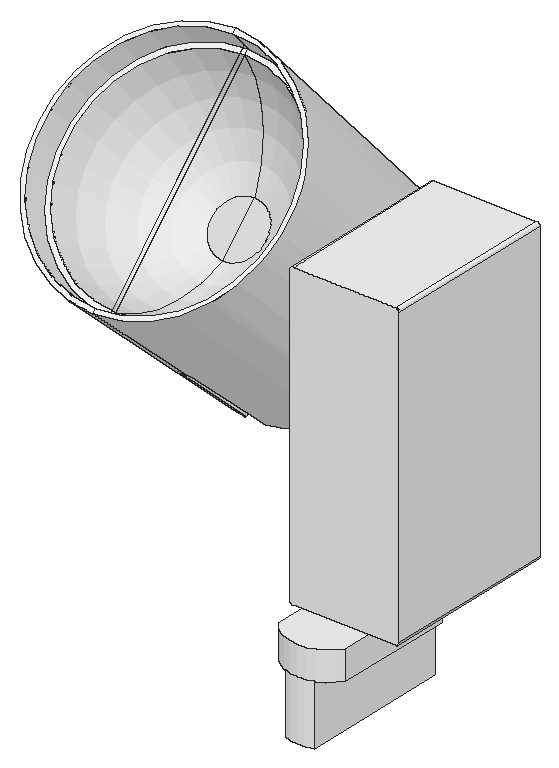
Revit family "0004867 Feilo Sylvania Lighting Fixture START TRACK SPOT L 35W 3K RA90 WB WHITE", category Lighting Fixtures, host Face, Revit 2017 (continued)
Definition of nested family "Start Track Spot Head"
  Types (96, lengths in mm): name | Wattage | built-in parameter 1150134 | Photometric Web File | Model | built-in parameter 1150105 | Lumens | built-in parameter 1150107 | built-in parameter 1150106 | HeadThickness_FEILO | HeadRibOffset_FEILO | HeadRibDepth_FEILO | HeadRibCutWidth_FEILO | HeadRibCutOffset_FEILO | HeadReflectorRadius_FEILO | HeadReflectorOffset_FEILO | HeadLEDRadius_FEILO | HeadHeight_FEILO | HeadDiffusorOffset_FEILO | HeadDiaOut_FEILO | HeadDiaIn_FEILO | HeadAxisFromTop_FEILO | Emit from Circle Diameter | built-in parameter 1150104 | Description | Apparent Load
    0004864 START TRACK SPOT S 24W 3K RA90 WB WHITE | 24 W | (empty or 0) | "0004864.ies" | "START TRACK SPOT S 24W 3K RA90 WB WHITE" | 152.79 (stored number, unit not read) | 1920 lm | 3000 (stored number, unit not read) | 1.5279 (stored number, unit not read) | 1.5 | 4.179 | 55.714 | 7.167 | 50.87 | 50.588 | 55.714 | 9.556 | 117 | 9.435 | 86 | 77.477 | 69.354 | 77.477 | 7.4322 (stored number, unit not read) | "Integrated LED spotlight, Textured White - RAL9016, compact and minimalist design, ideal for retail applications, die-cast aluminium body, passive cooling heatsink. Beam angle: 64°, color temperature: 3000K , total system power: 24W, total fixture output: 1928 lm, LOR: 100%, colour rendering: Ra: 90 typical, LED Chromaticity: 3 step MacAdam ellipse, lifetime: >50000 hours at L70B50, energy class: A++, A+, A, IR/UV free light source without heat radiation, operating voltage: 220-240V / 50-60Hz, drive current: 600mA, electronic driver, non-dimmable, power factor: 0.95, electrical protection: Class II, Global Track 3 Phase adapter suitable for Global trac 3-circuit tracks, ingress protection rating: IP20, suitable for internal environment only, horizontal rotation: 355°, vertical tilt: 90°, dimensions: Ø86x140x200, weight: 0.966kg." | 24 VA
    0004863 START TRACK SPOT S 24W 3K RA90 MB WHITE | 24 W | (empty or 0) | "0004863.ies" | "START TRACK SPOT S 24W 3K RA90 MB WHITE" | 154.7 (stored number, unit not read) | 1944 lm | 3000 (stored number, unit not read) | 1.547 (stored number, unit not read) | 1.5 | 4.179 | 55.714 | 7.167 | 50.87 | 50.588 | 55.714 | 9.556 | 117 | 9.435 | 86 | 77.477 | 69.354 | 77.477 | 7.5251 (stored number, unit not read) | "Integrated LED spotlight, Textured White - RAL9016, compact and minimalist design, ideal for retail applications, die-cast aluminium body, passive cooling heatsink. Beam angle: 36°, color temperature: 3000K , total system power: 24W, total fixture output: 1944 lm, LOR: 100%, colour rendering: Ra: 90 typical, LED Chromaticity: 3 step MacAdam ellipse, lifetime: >50000 hours at L70B50, energy class: A++, A+, A, IR/UV free light source without heat radiation, operating voltage: 220-240V / 50-60Hz, drive current: 600mA, electronic driver, non-dimmable, power factor: 0.95, electrical protection: Class II, Global Track 3 Phase adapter suitable for Global trac 3-circuit tracks, ingress protection rating: IP20, suitable for internal environment only, horizontal rotation: 355°, vertical tilt: 90°, dimensions: Ø86x140x200, weight: 0.966kg." | 24 VA
    0004862 START TRACK SPOT S 24W 3K RA90 NB WHITE | 24 W | (empty or 0) | "0004862.ies" | "START TRACK SPOT S 24W 3K RA90 NB WHITE" | 158.52 (stored number, unit not read) | 1992 lm | 3000 (stored number, unit not read) | 1.5852 (stored number, unit not read) | 1.5 | 4.179 | 55.714 | 7.167 | 50.87 | 50.588 | 55.714 | 9.556 | 117 | 9.435 | 86 | 77.477 | 69.354 | 77.477 | 7.711 (stored number, unit not read) | "Integrated LED spotlight, Textured White - RAL9016, compact and minimalist design, ideal for retail applications, die-cast aluminium body, passive cooling heatsink. Beam angle: 12°, color temperature: 3000K , total system power: 24W, total fixture output: 1987 lm, LOR: 100%, colour rendering: Ra: 90 typical, LED Chromaticity: 3 step MacAdam ellipse, lifetime: >50000 hours at L70B50, energy class: A++, A+, A, IR/UV free light source without heat radiation, operating voltage: 220-240V / 50-60Hz, drive current: 600mA, electronic driver, non-dimmable, power factor: 0.95, electrical protection: Class II, Global Track 3 Phase adapter suitable for Global trac 3-circuit tracks, ingress protection rating: IP20, suitable for internal environment only, horizontal rotation: 355°, vertical tilt: 90°, dimensions: Ø86x140x200, weight: 0.966kg." | 24 VA
    0004861 START TRACK SPOT S 14W 3K RA90 WB WHITE | 14 W | (empty or 0) | "0004861.ies" | "START TRACK SPOT S 14W 3K RA90 WB WHITE" | 100.27 (stored number, unit not read) | 1260 lm | 3000 (stored number, unit not read) | 1.0027 (stored number, unit not read) | 1.5 | 4.179 | 55.714 | 7.167 | 50.87 | 50.588 | 55.714 | 9.556 | 117 | 9.435 | 86 | 77.477 | 69.354 | 77.477 | 8.3613 (stored number, unit not read) | "Integrated LED spotlight, Textured White - RAL9016, compact and minimalist design, ideal for retail applications, die-cast aluminium body, passive cooling heatsink. Beam angle: 64°, color temperature: 3000K , total system power: 14W, total fixture output: 1262 lm, LOR: 100%, colour rendering: Ra: 90 typical, LED Chromaticity: 3 step MacAdam ellipse, lifetime: >50000 hours at L70B50, energy class: A++, A+, A, IR/UV free light source without heat radiation, operating voltage: 220-240V / 50-60Hz, drive current: 350mA, electronic driver, non-dimmable, power factor: 0.92, electrical protection: Class II, Global Track 3 Phase adapter suitable for Global trac 3-circuit tracks, ingress protection rating: IP20, suitable for internal environment only, horizontal rotation: 355°, vertical tilt: 90°, dimensions: Ø86x140x200, weight: 0.940kg." | 14 VA
    0004860 START TRACK SPOT S 14W 3K RA90 MB WHITE | 14 W | (empty or 0) | "0004860.ies" | "START TRACK SPOT S 14W 3K RA90 MB WHITE" | 100.27 (stored number, unit not read) | 1260 lm | 3000 (stored number, unit not read) | 1.0027 (stored number, unit not read) | 1.5 | 4.179 | 55.714 | 7.167 | 50.87 | 50.588 | 55.714 | 9.556 | 117 | 9.435 | 86 | 77.477 | 69.354 | 77.477 | 8.3613 (stored number, unit not read) | "Integrated LED spotlight, Textured White - RAL9016, compact and minimalist design, ideal for retail applications, die-cast aluminium body, passive cooling heatsink. Beam angle: 36°, color temperature: 3000K , total system power: 14W, total fixture output: 1262 lm, LOR: 100%, colour rendering: Ra: 90 typical, LED Chromaticity: 3 step MacAdam ellipse, lifetime: >50000 hours at L70B50, energy class: A++, A+, A, IR/UV free light source without heat radiation, operating voltage: 220-240V / 50-60Hz, drive current: 350mA, electronic driver, non-dimmable, power factor: 0.92, electrical protection: Class II, Global Track 3 Phase adapter suitable for Global trac 3-circuit tracks, ingress protection rating: IP20, suitable for internal environment only, horizontal rotation: 355°, vertical tilt: 90°, dimensions: Ø86x140x200, weight: 0.940kg." | 14 VA
    0004859 START TRACK SPOT S 14W 3K RA90 NB WHITE | 14 W | (empty or 0) | "0004859.ies" | "START TRACK SPOT S 14W 3K RA90 NB WHITE" | 102.5 (stored number, unit not read) | 1288 lm | 3000 (stored number, unit not read) | 1.025 (stored number, unit not read) | 1.5 | 4.179 | 55.714 | 7.167 | 50.87 | 50.588 | 55.714 | 9.556 | 117 | 9.435 | 86 | 77.477 | 69.354 | 77.477 | 8.5471 (stored number, unit not read) | "Integrated LED spotlight, Textured White - RAL9016, compact and minimalist design, ideal for retail applications, die-cast aluminium body, passive cooling heatsink. Beam angle: 12°, color temperature: 3000K , total system power: 14W, total fixture output: 1284 lm, LOR: 100%, colour rendering: Ra: 90 typical, LED Chromaticity: 3 step MacAdam ellipse, lifetime: >50000 hours at L70B50, energy class: A++, A+, A, IR/UV free light source without heat radiation, operating voltage: 220-240V / 50-60Hz, drive current: 350mA, electronic driver, non-dimmable, power factor: 0.92, electrical protection: Class II, Global Track 3 Phase adapter suitable for Global trac 3-circuit tracks, ingress protection rating: IP20, suitable for internal environment only, horizontal rotation: 355°, vertical tilt: 90°, dimensions: Ø86x140x200, weight: 0.940kg." | 14 VA
    0004858 START TRACK SPOT L 55W 4K RA80 WB BLACK | 55 W | 12 | "0004858.ies" | "START TRACK SPOT L 55W 4K RA80 WB BLACK" | 424.55 (stored number, unit not read) | 5335 lm | 4000 (stored number, unit not read) | 4.2455 (stored number, unit not read) | 2 | 4.429 | 59.048 | 9.417 | 53.913 | 66.471 | 59.048 | 12.556 | 124 | 10 | 113 | 101.802 | 73.503 | 101.802 | 9.0116 (stored number, unit not read) | "Integrated LED spotlight, Textured Black - RAL9005, compact and minimalist design, ideal for retail applications, die-cast aluminium body, passive cooling heatsink. Beam angle: 52°, color temperature: 4000K , total system power: 55W, total fixture output: 5320 lm, LOR: 100%, colour rendering: Ra: 80 typical, LED Chromaticity: 3 step MacAdam ellipse, lifetime: >50000 hours at L70B50, energy class: A++, A+, A, IR/UV free light source without heat radiation, operating voltage: 220-240V / 50-60Hz, drive current: 1400mA, electronic driver, non-dimmable, power factor: 0.96, electrical protection: Class II, Global Track 3 Phase adapter suitable for Global trac 3-circuit tracks, ingress protection rating: IP20, suitable for internal environment only, horizontal rotation: 355°, vertical tilt: 90°, dimensions: Ø113x164x240, weight: 1.398kg." | 55 VA
    0004857 START TRACK SPOT L 55W 4K RA80 MB BLACK | 55 W | 12 | "0004857.ies" | "START TRACK SPOT L 55W 4K RA80 MB BLACK" | 428.92 (stored number, unit not read) | 5390 lm | 4000 (stored number, unit not read) | 4.2892 (stored number, unit not read) | 2 | 4.429 | 59.048 | 9.417 | 53.913 | 66.471 | 59.048 | 12.556 | 124 | 10 | 113 | 101.802 | 73.503 | 101.802 | 9.1045 (stored number, unit not read) | "Integrated LED spotlight, Textured Black - RAL9005, compact and minimalist design, ideal for retail applications, die-cast aluminium body, passive cooling heatsink. Beam angle: 38°, color temperature: 4000K , total system power: 55W, total fixture output: 5378 lm, LOR: 100%, colour rendering: Ra: 80 typical, LED Chromaticity: 3 step MacAdam ellipse, lifetime: >50000 hours at L70B50, energy class: A++, A+, A, IR/UV free light source without heat radiation, operating voltage: 220-240V / 50-60Hz, drive current: 1400mA, electronic driver, non-dimmable, power factor: 0.96, electrical protection: Class II, Global Track 3 Phase adapter suitable for Global trac 3-circuit tracks, ingress protection rating: IP20, suitable for internal environment only, horizontal rotation: 355°, vertical tilt: 90°, dimensions: Ø113x164x240, weight: 1.398kg." | 55 VA
    0004856 START TRACK SPOT L 55W 4K RA80 NB BLACK | 55 W | 12 | "0004856.ies" | "START TRACK SPOT L 55W 4K RA80 NB BLACK" | 433.3 (stored number, unit not read) | 5445 lm | 4000 (stored number, unit not read) | 4.333 (stored number, unit not read) | 2 | 4.429 | 59.048 | 9.417 | 53.913 | 66.471 | 59.048 | 12.556 | 124 | 10 | 113 | 101.802 | 73.503 | 101.802 | 9.1974 (stored number, unit not read) | "Integrated LED spotlight, Textured Black - RAL9005, compact and minimalist design, ideal for retail applications, die-cast aluminium body, passive cooling heatsink. Beam angle: 15°, color temperature: 4000K , total system power: 55W, total fixture output: 5426 lm, LOR: 100%, colour rendering: Ra: 80 typical, LED Chromaticity: 3 step MacAdam ellipse, lifetime: >50000 hours at L70B50, energy class: A++, A+, A, IR/UV free light source without heat radiation, operating voltage: 220-240V / 50-60Hz, drive current: 1400mA, electronic driver, non-dimmable, power factor: 0.96, electrical protection: Class II, Global Track 3 Phase adapter suitable for Global trac 3-circuit tracks, ingress protection rating: IP20, suitable for internal environment only, horizontal rotation: 355°, vertical tilt: 90°, dimensions: Ø113x164x240, weight: 1.398kg." | 55 VA
    0004855 START TRACK SPOT L 35W 4K RA80 WB BLACK | 35 W | 12 | "0004855.ies" | "START TRACK SPOT L 35W 4K RA80 WB BLACK" | 320.3 (stored number, unit not read) | 4025 lm | 4000 (stored number, unit not read) | 3.203 (stored number, unit not read) | 2 | 4.429 | 59.048 | 9.417 | 53.913 | 66.471 | 59.048 | 12.556 | 124 | 10 | 113 | 101.802 | 73.503 | 101.802 | 10.684 (stored number, unit not read) | "Integrated LED spotlight, Textured Black - RAL9005, compact and minimalist design, ideal for retail applications, die-cast aluminium body, passive cooling heatsink. Beam angle: 52°, color temperature: 4000K , total system power: 35W, total fixture output: 4010 lm, LOR: 100%, colour rendering: Ra: 80 typical, LED Chromaticity: 3 step MacAdam ellipse, lifetime: >50000 hours at L70B50, energy class: A++, A+, A, IR/UV free light source without heat radiation, operating voltage: 220-240V / 50-60Hz, drive current: 900mA, electronic driver, non-dimmable, power factor: 0.93, electrical protection: Class II, Global Track 3 Phase adapter suitable for Global trac 3-circuit tracks, ingress protection rating: IP20, suitable for internal environment only, horizontal rotation: 355°, vertical tilt: 90°, dimensions: Ø113x164x240, weight: 1.368kg." | 35 VA
    0004854 START TRACK SPOT L 35W 4K RA80 MB BLACK | 35 W | 12 | "0004854.ies" | "START TRACK SPOT L 35W 4K RA80 MB BLACK" | 320.3 (stored number, unit not read) | 4025 lm | 4000 (stored number, unit not read) | 3.203 (stored number, unit not read) | 2 | 4.429 | 59.048 | 9.417 | 53.913 | 66.471 | 59.048 | 12.556 | 124 | 10 | 113 | 101.802 | 73.503 | 101.802 | 10.684 (stored number, unit not read) | "Integrated LED spotlight, Textured Black - RAL9005, compact and minimalist design, ideal for retail applications, die-cast aluminium body, passive cooling heatsink. Beam angle: 38°, color temperature: 4000K , total system power: 35W, total fixture output: 4017 lm, LOR: 100%, colour rendering: Ra: 80 typical, LED Chromaticity: 3 step MacAdam ellipse, lifetime: >50000 hours at L70B50, energy class: A++, A+, A, IR/UV free light source without heat radiation, operating voltage: 220-240V / 50-60Hz, drive current: 900mA, electronic driver, non-dimmable, power factor: 0.93, electrical protection: Class II, Global Track 3 Phase adapter suitable for Global trac 3-circuit tracks, ingress protection rating: IP20, suitable for internal environment only, horizontal rotation: 355°, vertical tilt: 90°, dimensions: Ø113x164x240, weight: 1.368kg." | 35 VA
    0004853 START TRACK SPOT L 35W 4K RA80 NB BLACK | 35 W | 12 | "0004853.ies" | "START TRACK SPOT L 35W 4K RA80 NB BLACK" | 331.44 (stored number, unit not read) | 4165 lm | 4000 (stored number, unit not read) | 3.3144 (stored number, unit not read) | 2 | 4.429 | 59.048 | 9.417 | 53.913 | 66.471 | 59.048 | 12.556 | 124 | 10 | 113 | 101.802 | 73.503 | 101.802 | 11.055 (stored number, unit not read) | "Integrated LED spotlight, Textured Black - RAL9005, compact and minimalist design, ideal for retail applications, die-cast aluminium body, passive cooling heatsink. Beam angle: 15°, color temperature: 4000K , total system power: 35W, total fixture output: 4174 lm, LOR: 100%, colour rendering: Ra: 80 typical, LED Chromaticity: 3 step MacAdam ellipse, lifetime: >50000 hours at L70B50, energy class: A++, A+, A, IR/UV free light source without heat radiation, operating voltage: 220-240V / 50-60Hz, drive current: 900mA, electronic driver, non-dimmable, power factor: 0.93, electrical protection: Class II, Global Track 3 Phase adapter suitable for Global trac 3-circuit tracks, ingress protection rating: IP20, suitable for internal environment only, horizontal rotation: 355°, vertical tilt: 90°, dimensions: Ø113x164x240, weight: 1.368kg." | 35 VA
    0004852 START TRACK SPOT S 24W 4K RA80 WB BLACK | 24 W | 12 | "0004852.ies" | "START TRACK SPOT S 24W 4K RA80 WB BLACK" | 196.72 (stored number, unit not read) | 2472 lm | 4000 (stored number, unit not read) | 1.9672 (stored number, unit not read) | 1.5 | 4.179 | 55.714 | 7.167 | 50.87 | 50.588 | 55.714 | 9.556 | 117 | 9.435 | 86 | 77.477 | 69.354 | 77.477 | 9.569 (stored number, unit not read) | "Integrated LED spotlight, Textured Black - RAL9005, compact and minimalist design, ideal for retail applications, die-cast aluminium body, passive cooling heatsink. Beam angle: 64°, color temperature: 4000K , total system power: 24W, total fixture output: 2476 lm, LOR: 100%, colour rendering: Ra: 80 typical, LED Chromaticity: 3 step MacAdam ellipse, lifetime: >50000 hours at L70B50, energy class: A++, A+, A, IR/UV free light source without heat radiation, operating voltage: 220-240V / 50-60Hz, drive current: 600mA, electronic driver, non-dimmable, power factor: 0.95, electrical protection: Class II, Global Track 3 Phase adapter suitable for Global trac 3-circuit tracks, ingress protection rating: IP20, suitable for internal environment only, horizontal rotation: 355°, vertical tilt: 90°, dimensions: Ø86x140x200, weight: 0.966kg." | 24 VA
    0004851 START TRACK SPOT S 24W 4K RA80 MB BLACK | 24 W | 12 | "0004851.ies" | "START TRACK SPOT S 24W 4K RA80 MB BLACK" | 198.63 (stored number, unit not read) | 2496 lm | 4000 (stored number, unit not read) | 1.9863 (stored number, unit not read) | 1.5 | 4.179 | 55.714 | 7.167 | 50.87 | 50.588 | 55.714 | 9.556 | 117 | 9.435 | 86 | 77.477 | 69.354 | 77.477 | 9.6619 (stored number, unit not read) | "Integrated LED spotlight, Textured Black - RAL9005, compact and minimalist design, ideal for retail applications, die-cast aluminium body, passive cooling heatsink. Beam angle: 36°, color temperature: 4000K , total system power: 24W, total fixture output: 2487 lm, LOR: 100%, colour rendering: Ra: 80 typical, LED Chromaticity: 3 step MacAdam ellipse, lifetime: >50000 hours at L70B50, energy class: A++, A+, A, IR/UV free light source without heat radiation, operating voltage: 220-240V / 50-60Hz, drive current: 600mA, electronic driver, non-dimmable, power factor: 0.95, electrical protection: Class II, Global Track 3 Phase adapter suitable for Global trac 3-circuit tracks, ingress protection rating: IP20, suitable for internal environment only, horizontal rotation: 355°, vertical tilt: 90°, dimensions: Ø86x140x200, weight: 0.966kg." | 24 VA
    0004850 START TRACK SPOT S 24W 4K RA80 NB BLACK | 24 W | 12 | "0004850.ies" | "START TRACK SPOT S 24W 4K RA80 NB BLACK" | 200.54 (stored number, unit not read) | 2520 lm | 4000 (stored number, unit not read) | 2.0054 (stored number, unit not read) | 1.5 | 4.179 | 55.714 | 7.167 | 50.87 | 50.588 | 55.714 | 9.556 | 117 | 9.435 | 86 | 77.477 | 69.354 | 77.477 | 9.7548 (stored number, unit not read) | "Integrated LED spotlight, Textured Black - RAL9005, compact and minimalist design, ideal for retail applications, die-cast aluminium body, passive cooling heatsink. Beam angle: 12°, color temperature: 4000K , total system power: 24W, total fixture output: 2529 lm, LOR: 100%, colour rendering: Ra: 80 typical, LED Chromaticity: 3 step MacAdam ellipse, lifetime: >50000 hours at L70B50, energy class: A++, A+, A, IR/UV free light source without heat radiation, operating voltage: 220-240V / 50-60Hz, drive current: 600mA, electronic driver, non-dimmable, power factor: 0.95, electrical protection: Class II, Global Track 3 Phase adapter suitable for Global trac 3-circuit tracks, ingress protection rating: IP20, suitable for internal environment only, horizontal rotation: 355°, vertical tilt: 90°, dimensions: Ø86x140x200, weight: 0.966kg." | 24 VA
    0004849 START TRACK SPOT S 14W 4K RA80 WB BLACK | 14 W | 12 | "0004849.ies" | "START TRACK SPOT S 14W 4K RA80 WB BLACK" | 123.66 (stored number, unit not read) | 1554 lm | 4000 (stored number, unit not read) | 1.2366 (stored number, unit not read) | 1.5 | 4.179 | 55.714 | 7.167 | 50.87 | 50.588 | 55.714 | 9.556 | 117 | 9.435 | 86 | 77.477 | 69.354 | 77.477 | 10.312 (stored number, unit not read) | "Integrated LED spotlight, Textured Black - RAL9005, compact and minimalist design, ideal for retail applications, die-cast aluminium body, passive cooling heatsink. Beam angle: 64°, color temperature: 4000K , total system power: 14W, total fixture output: 1558 lm, LOR: 100%, colour rendering: Ra: 80 typical, LED Chromaticity: 3 step MacAdam ellipse, lifetime: >50000 hours at L70B50, energy class: A++, A+, A, IR/UV free light source without heat radiation, operating voltage: 220-240V / 50-60Hz, drive current: 350mA, electronic driver, non-dimmable, power factor: 0.92, electrical protection: Class II, Global Track 3 Phase adapter suitable for Global trac 3-circuit tracks, ingress protection rating: IP20, suitable for internal environment only, horizontal rotation: 355°, vertical tilt: 90°, dimensions: Ø86x140x200, weight: 0.940kg." | 14 VA
    0004848 START TRACK SPOT S 14W 4K RA80 MB BLACK | 14 W | 12 | "0004848.ies" | "START TRACK SPOT S 14W 4K RA80 MB BLACK" | 127.01 (stored number, unit not read) | 1596 lm | 4000 (stored number, unit not read) | 1.2701 (stored number, unit not read) | 1.5 | 4.179 | 55.714 | 7.167 | 50.87 | 50.588 | 55.714 | 9.556 | 117 | 9.435 | 86 | 77.477 | 69.354 | 77.477 | 10.591 (stored number, unit not read) | "Integrated LED spotlight, Textured Black - RAL9005, compact and minimalist design, ideal for retail applications, die-cast aluminium body, passive cooling heatsink. Beam angle: 36°, color temperature: 4000K , total system power: 14W, total fixture output: 1598 lm, LOR: 100%, colour rendering: Ra: 80 typical, LED Chromaticity: 3 step MacAdam ellipse, lifetime: >50000 hours at L70B50, energy class: A++, A+, A, IR/UV free light source without heat radiation, operating voltage: 220-240V / 50-60Hz, drive current: 350mA, electronic driver, non-dimmable, power factor: 0.92, electrical protection: Class II, Global Track 3 Phase adapter suitable for Global trac 3-circuit tracks, ingress protection rating: IP20, suitable for internal environment only, horizontal rotation: 355°, vertical tilt: 90°, dimensions: Ø86x140x200, weight: 0.940kg." | 14 VA
    0004847 START TRACK SPOT S 14W 4K RA80 NB BLACK | 14 W | 12 | "0004847.ies" | "START TRACK SPOT S 14W 4K RA80 NB BLACK" | 128.12 (stored number, unit not read) | 1610 lm | 4000 (stored number, unit not read) | 1.2812 (stored number, unit not read) | 1.5 | 4.179 | 55.714 | 7.167 | 50.87 | 50.588 | 55.714 | 9.556 | 117 | 9.435 | 86 | 77.477 | 69.354 | 77.477 | 10.684 (stored number, unit not read) | "Integrated LED spotlight, Textured Black - RAL9005, compact and minimalist design, ideal for retail applications, die-cast aluminium body, passive cooling heatsink. Beam angle: 12°, color temperature: 4000K , total system power: 14W, total fixture output: 1608 lm, LOR: 100%, colour rendering: Ra: 80 typical, LED Chromaticity: 3 step MacAdam ellipse, lifetime: >50000 hours at L70B50, energy class: A++, A+, A, IR/UV free light source without heat radiation, operating voltage: 220-240V / 50-60Hz, drive current: 350mA, electronic driver, non-dimmable, power factor: 0.92, electrical protection: Class II, Global Track 3 Phase adapter suitable for Global trac 3-circuit tracks, ingress protection rating: IP20, suitable for internal environment only, horizontal rotation: 355°, vertical tilt: 90°, dimensions: Ø86x140x200, weight: 0.940kg." | 14 VA
    0004846 START TRACK SPOT L 55W 3K RA80 WB BLACK | 55 W | (empty or 0) | "0004846.ies" | "START TRACK SPOT L 55W 3K RA80 WB BLACK" | 420.17 (stored number, unit not read) | 5280 lm | 3000 (stored number, unit not read) | 4.2017 (stored number, unit not read) | 2 | 4.429 | 59.048 | 9.417 | 53.913 | 66.471 | 59.048 | 12.556 | 124 | 10 | 113 | 101.802 | 73.503 | 101.802 | 8.9187 (stored number, unit not read) | "Integrated LED spotlight, Textured Black - RAL9005, compact and minimalist design, ideal for retail applications, die-cast aluminium body, passive cooling heatsink. Beam angle: 52°, color temperature: 3000K , total system power: 55W, total fixture output: 5298 lm, LOR: 100%, colour rendering: Ra: 80 typical, LED Chromaticity: 3 step MacAdam ellipse, lifetime: >50000 hours at L70B50, energy class: A++, A+, A, IR/UV free light source without heat radiation, operating voltage: 220-240V / 50-60Hz, drive current: 1400mA, electronic driver, non-dimmable, power factor: 0.96, electrical protection: Class II, Global Track 3 Phase adapter suitable for Global trac 3-circuit tracks, ingress protection rating: IP20, suitable for internal environment only, horizontal rotation: 355°, vertical tilt: 90°, dimensions: Ø113x164x240, weight: 1.398kg." | 55 VA
    0004845 START TRACK SPOT L 55W 3K RA80 MB BLACK | 55 W | (empty or 0) | "0004845.ies" | "START TRACK SPOT L 55W 3K RA80 MB BLACK" | 428.92 (stored number, unit not read) | 5390 lm | 3000 (stored number, unit not read) | 4.2892 (stored number, unit not read) | 2 | 4.429 | 59.048 | 9.417 | 53.913 | 66.471 | 59.048 | 12.556 | 124 | 10 | 113 | 101.802 | 73.503 | 101.802 | 9.1045 (stored number, unit not read) | "Integrated LED spotlight, Textured Black - RAL9005, compact and minimalist design, ideal for retail applications, die-cast aluminium body, passive cooling heatsink. Beam angle: 38°, color temperature: 3000K , total system power: 55W, total fixture output: 5381 lm, LOR: 100%, colour rendering: Ra: 80 typical, LED Chromaticity: 3 step MacAdam ellipse, lifetime: >50000 hours at L70B50, energy class: A++, A+, A, IR/UV free light source without heat radiation, operating voltage: 220-240V / 50-60Hz, drive current: 1400mA, electronic driver, non-dimmable, power factor: 0.96, electrical protection: Class II, Global Track 3 Phase adapter suitable for Global trac 3-circuit tracks, ingress protection rating: IP20, suitable for internal environment only, horizontal rotation: 355°, vertical tilt: 90°, dimensions: Ø113x164x240, weight: 1.398kg." | 55 VA
    0004844 START TRACK SPOT L 55W 3K RA80 NB BLACK | 55 W | (empty or 0) | "0004844.ies" | "START TRACK SPOT L 55W 3K RA80 NB BLACK" | 433.3 (stored number, unit not read) | 5445 lm | 3000 (stored number, unit not read) | 4.333 (stored number, unit not read) | 2 | 4.429 | 59.048 | 9.417 | 53.913 | 66.471 | 59.048 | 12.556 | 124 | 10 | 113 | 101.802 | 73.503 | 101.802 | 9.1974 (stored number, unit not read) | "Integrated LED spotlight, Textured Black - RAL9005, compact and minimalist design, ideal for retail applications, die-cast aluminium body, passive cooling heatsink. Beam angle: 15°, color temperature: 3000K , total system power: 55W, total fixture output: 5449 lm, LOR: 100%, colour rendering: Ra: 80 typical, LED Chromaticity: 3 step MacAdam ellipse, lifetime: >50000 hours at L70B50, energy class: A++, A+, A, IR/UV free light source without heat radiation, operating voltage: 220-240V / 50-60Hz, drive current: 1400mA, electronic driver, non-dimmable, power factor: 0.96, electrical protection: Class II, Global Track 3 Phase adapter suitable for Global trac 3-circuit tracks, ingress protection rating: IP20, suitable for internal environment only, horizontal rotation: 355°, vertical tilt: 90°, dimensions: Ø113x164x240, weight: 1.398kg." | 55 VA
    0004843 START TRACK SPOT L 35W 3K RA80 WB BLACK | 35 W | (empty or 0) | "0004843.ies" | "START TRACK SPOT L 35W 3K RA80 WB BLACK" | 314.73 (stored number, unit not read) | 3955 lm | 3000 (stored number, unit not read) | 3.1473 (stored number, unit not read) | 2 | 4.429 | 59.048 | 9.417 | 53.913 | 66.471 | 59.048 | 12.556 | 124 | 10 | 113 | 101.802 | 73.503 | 101.802 | 10.498 (stored number, unit not read) | "Integrated LED spotlight, Textured Black - RAL9005, compact and minimalist design, ideal for retail applications, die-cast aluminium body, passive cooling heatsink. Beam angle: 52°, color temperature: 3000K , total system power: 35W, total fixture output: 3943 lm, LOR: 100%, colour rendering: Ra: 80 typical, LED Chromaticity: 3 step MacAdam ellipse, lifetime: >50000 hours at L70B50, energy class: A++, A+, A, IR/UV free light source without heat radiation, operating voltage: 220-240V / 50-60Hz, drive current: 900mA, electronic driver, non-dimmable, power factor: 0.93, electrical protection: Class II, Global Track 3 Phase adapter suitable for Global trac 3-circuit tracks, ingress protection rating: IP20, suitable for internal environment only, horizontal rotation: 355°, vertical tilt: 90°, dimensions: Ø113x164x240, weight: 1.368kg." | 35 VA
    0004842 START TRACK SPOT L 35W 3K RA80 MB BLACK | 35 W | (empty or 0) | "0004842.ies" | "START TRACK SPOT L 35W 3K RA80 MB BLACK" | 320.3 (stored number, unit not read) | 4025 lm | 3000 (stored number, unit not read) | 3.203 (stored number, unit not read) | 2 | 4.429 | 59.048 | 9.417 | 53.913 | 66.471 | 59.048 | 12.556 | 124 | 10 | 113 | 101.802 | 73.503 | 101.802 | 10.684 (stored number, unit not read) | "Integrated LED spotlight, Textured Black - RAL9005, compact and minimalist design, ideal for retail applications, die-cast aluminium body, passive cooling heatsink. Beam angle: 38°, color temperature: 3000K , total system power: 35W, total fixture output: 4008 lm, LOR: 100%, colour rendering: Ra: 80 typical, LED Chromaticity: 3 step MacAdam ellipse, lifetime: >50000 hours at L70B50, energy class: A++, A+, A, IR/UV free light source without heat radiation, operating voltage: 220-240V / 50-60Hz, drive current: 900mA, electronic driver, non-dimmable, power factor: 0.93, electrical protection: Class II, Global Track 3 Phase adapter suitable for Global trac 3-circuit tracks, ingress protection rating: IP20, suitable for internal environment only, horizontal rotation: 355°, vertical tilt: 90°, dimensions: Ø113x164x240, weight: 1.368kg." | 35 VA
    0004841 START TRACK SPOT L 35W 3K RA80 NB BLACK | 35 W | (empty or 0) | "0004841.ies" | "START TRACK SPOT L 35W 3K RA80 NB BLACK" | 317.51 (stored number, unit not read) | 3990 lm | 3000 (stored number, unit not read) | 3.1751 (stored number, unit not read) | 2 | 4.429 | 59.048 | 9.417 | 53.913 | 66.471 | 59.048 | 12.556 | 124 | 10 | 113 | 101.802 | 73.503 | 101.802 | 10.591 (stored number, unit not read) | "Integrated LED spotlight, Textured Black - RAL9005, compact and minimalist design, ideal for retail applications, die-cast aluminium body, passive cooling heatsink. Beam angle: 15°, color temperature: 3000K , total system power: 35W, total fixture output: 4005 lm, LOR: 100%, colour rendering: Ra: 80 typical, LED Chromaticity: 3 step MacAdam ellipse, lifetime: >50000 hours at L70B50, energy class: A++, A+, A, IR/UV free light source without heat radiation, operating voltage: 220-240V / 50-60Hz, drive current: 900mA, electronic driver, non-dimmable, power factor: 0.93, electrical protection: Class II, Global Track 3 Phase adapter suitable for Global trac 3-circuit tracks, ingress protection rating: IP20, suitable for internal environment only, horizontal rotation: 355°, vertical tilt: 90°, dimensions: Ø113x164x240, weight: 1.368kg." | 35 VA
    0004840 START TRACK SPOT S 24W 3K RA80 WB BLACK | 24 W | (empty or 0) | "0004840.ies" | "START TRACK SPOT S 24W 3K RA80 WB BLACK" | 185.26 (stored number, unit not read) | 2328 lm | 3000 (stored number, unit not read) | 1.8526 (stored number, unit not read) | 1.5 | 4.179 | 55.714 | 7.167 | 50.87 | 50.588 | 55.714 | 9.556 | 117 | 9.435 | 86 | 77.477 | 69.354 | 77.477 | 9.0116 (stored number, unit not read) | "Integrated LED spotlight, Textured Black - RAL9005, compact and minimalist design, ideal for retail applications, die-cast aluminium body, passive cooling heatsink. Beam angle: 64°, color temperature: 3000K , total system power: 24W, total fixture output: 2318 lm, LOR: 100%, colour rendering: Ra: 80 typical, LED Chromaticity: 3 step MacAdam ellipse, lifetime: >50000 hours at L70B50, energy class: A++, A+, A, IR/UV free light source without heat radiation, operating voltage: 220-240V / 50-60Hz, drive current: 600mA, electronic driver, non-dimmable, power factor: 0.95, electrical protection: Class II, Global Track 3 Phase adapter suitable for Global trac 3-circuit tracks, ingress protection rating: IP20, suitable for internal environment only, horizontal rotation: 355°, vertical tilt: 90°, dimensions: Ø86x140x200, weight: 0.966kg." | 24 VA
    0004839 START TRACK SPOT S 24W 3K RA80 MB BLACK | 24 W | (empty or 0) | "0004839.ies" | "START TRACK SPOT S 24W 3K RA80 MB BLACK" | 183.35 (stored number, unit not read) | 2304 lm | 3000 (stored number, unit not read) | 1.8335 (stored number, unit not read) | 1.5 | 4.179 | 55.714 | 7.167 | 50.87 | 50.588 | 55.714 | 9.556 | 117 | 9.435 | 86 | 77.477 | 69.354 | 77.477 | 8.9187 (stored number, unit not read) | "Integrated LED spotlight, Textured Black - RAL9005, compact and minimalist design, ideal for retail applications, die-cast aluminium body, passive cooling heatsink. Beam angle: 36°, color temperature: 3000K , total system power: 24W, total fixture output: 2314 lm, LOR: 100%, colour rendering: Ra: 80 typical, LED Chromaticity: 3 step MacAdam ellipse, lifetime: >50000 hours at L70B50, energy class: A++, A+, A, IR/UV free light source without heat radiation, operating voltage: 220-240V / 50-60Hz, drive current: 600mA, electronic driver, non-dimmable, power factor: 0.95, electrical protection: Class II, Global Track 3 Phase adapter suitable for Global trac 3-circuit tracks, ingress protection rating: IP20, suitable for internal environment only, horizontal rotation: 355°, vertical tilt: 90°, dimensions: Ø86x140x200, weight: 0.966kg." | 24 VA
    0004838 START TRACK SPOT S 24W 3K RA80 NB BLACK | 24 W | (empty or 0) | "0004838.ies" | "START TRACK SPOT S 24W 3K RA80 NB BLACK" | 185.26 (stored number, unit not read) | 2328 lm | 3000 (stored number, unit not read) | 1.8526 (stored number, unit not read) | 1.5 | 4.179 | 55.714 | 7.167 | 50.87 | 50.588 | 55.714 | 9.556 | 117 | 9.435 | 86 | 77.477 | 69.354 | 77.477 | 9.0116 (stored number, unit not read) | "Integrated LED spotlight, Textured Black - RAL9005, compact and minimalist design, ideal for retail applications, die-cast aluminium body, passive cooling heatsink. Beam angle: 12°, color temperature: 3000K , total system power: 24W, total fixture output: 2334 lm, LOR: 100%, colour rendering: Ra: 80 typical, LED Chromaticity: 3 step MacAdam ellipse, lifetime: >50000 hours at L70B50, energy class: A++, A+, A, IR/UV free light source without heat radiation, operating voltage: 220-240V / 50-60Hz, drive current: 600mA, electronic driver, non-dimmable, power factor: 0.95, electrical protection: Class II, Global Track 3 Phase adapter suitable for Global trac 3-circuit tracks, ingress protection rating: IP20, suitable for internal environment only, horizontal rotation: 355°, vertical tilt: 90°, dimensions: Ø86x140x200, weight: 0.966kg." | 24 VA
    0004837 START TRACK SPOT S 14W 3K RA80 WB BLACK | 14 W | (empty or 0) | "0004837.ies" | "START TRACK SPOT S 14W 3K RA80 WB BLACK" | 119.21 (stored number, unit not read) | 1498 lm | 3000 (stored number, unit not read) | 1.1921 (stored number, unit not read) | 1.5 | 4.179 | 55.714 | 7.167 | 50.87 | 50.588 | 55.714 | 9.556 | 117 | 9.435 | 86 | 77.477 | 69.354 | 77.477 | 9.9406 (stored number, unit not read) | "Integrated LED spotlight, Textured Black - RAL9005, compact and minimalist design, ideal for retail applications, die-cast aluminium body, passive cooling heatsink. Beam angle: 64°, color temperature: 3000K , total system power: 14W, total fixture output: 1498 lm, LOR: 100%, colour rendering: Ra: 80 typical, LED Chromaticity: 3 step MacAdam ellipse, lifetime: >50000 hours at L70B50, energy class: A++, A+, A, IR/UV free light source without heat radiation, operating voltage: 220-240V / 50-60Hz, drive current: 350mA, electronic driver, non-dimmable, power factor: 0.92, electrical protection: Class II, Global Track 3 Phase adapter suitable for Global trac 3-circuit tracks, ingress protection rating: IP20, suitable for internal environment only, horizontal rotation: 355°, vertical tilt: 90°, dimensions: Ø86x140x200, weight: 0.940kg." | 14 VA
    0004836 START TRACK SPOT S 14W 3K RA80 MB BLACK | 14 W | (empty or 0) | "0004836.ies" | "START TRACK SPOT S 14W 3K RA80 MB BLACK" | 120.32 (stored number, unit not read) | 1512 lm | 3000 (stored number, unit not read) | 1.2032 (stored number, unit not read) | 1.5 | 4.179 | 55.714 | 7.167 | 50.87 | 50.588 | 55.714 | 9.556 | 117 | 9.435 | 86 | 77.477 | 69.354 | 77.477 | 10.034 (stored number, unit not read) | "Integrated LED spotlight, Textured Black - RAL9005, compact and minimalist design, ideal for retail applications, die-cast aluminium body, passive cooling heatsink. Beam angle: 36°, color temperature: 3000K , total system power: 14W, total fixture output: 1508 lm, LOR: 100%, colour rendering: Ra: 80 typical, LED Chromaticity: 3 step MacAdam ellipse, lifetime: >50000 hours at L70B50, energy class: A++, A+, A, IR/UV free light source without heat radiation, operating voltage: 220-240V / 50-60Hz, drive current: 350mA, electronic driver, non-dimmable, power factor: 0.92, electrical protection: Class II, Global Track 3 Phase adapter suitable for Global trac 3-circuit tracks, ingress protection rating: IP20, suitable for internal environment only, horizontal rotation: 355°, vertical tilt: 90°, dimensions: Ø86x140x200, weight: 0.940kg." | 14 VA
    0004835 START TRACK SPOT S 14W 3K RA80 NB BLACK | 14 W | (empty or 0) | "0004835.ies" | "START TRACK SPOT S 14W 3K RA80 NB BLACK" | 123.66 (stored number, unit not read) | 1554 lm | 3000 (stored number, unit not read) | 1.2366 (stored number, unit not read) | 1.5 | 4.179 | 55.714 | 7.167 | 50.87 | 50.588 | 55.714 | 9.556 | 117 | 9.435 | 86 | 77.477 | 69.354 | 77.477 | 10.312 (stored number, unit not read) | "Integrated LED spotlight, Textured Black - RAL9005, compact and minimalist design, ideal for retail applications, die-cast aluminium body, passive cooling heatsink. Beam angle: 12°, color temperature: 3000K , total system power: 14W, total fixture output: 1551 lm, LOR: 100%, colour rendering: Ra: 80 typical, LED Chromaticity: 3 step MacAdam ellipse, lifetime: >50000 hours at L70B50, energy class: A++, A+, A, IR/UV free light source without heat radiation, operating voltage: 220-240V / 50-60Hz, drive current: 350mA, electronic driver, non-dimmable, power factor: 0.92, electrical protection: Class II, Global Track 3 Phase adapter suitable for Global trac 3-circuit tracks, ingress protection rating: IP20, suitable for internal environment only, horizontal rotation: 355°, vertical tilt: 90°, dimensions: Ø86x140x200, weight: 0.940kg." | 14 VA
    0004834 START TRACK SPOT L 55W 4K RA80 WB WHITE | 55 W | 12 | "0004834.ies" | "START TRACK SPOT L 55W 4K RA80 WB WHITE" | 424.55 (stored number, unit not read) | 5335 lm | 4000 (stored number, unit not read) | 4.2455 (stored number, unit not read) | 2 | 4.429 | 59.048 | 9.417 | 53.913 | 66.471 | 59.048 | 12.556 | 124 | 10 | 113 | 101.802 | 73.503 | 101.802 | 9.0116 (stored number, unit not read) | "Integrated LED spotlight, Textured White - RAL9016, compact and minimalist design, ideal for retail applications, die-cast aluminium body, passive cooling heatsink. Beam angle: 52°, color temperature: 4000K , total system power: 55W, total fixture output: 5320 lm, LOR: 100%, colour rendering: Ra: 80 typical, LED Chromaticity: 3 step MacAdam ellipse, lifetime: >50000 hours at L70B50, energy class: A++, A+, A, IR/UV free light source without heat radiation, operating voltage: 220-240V / 50-60Hz, drive current: 1400mA, electronic driver, non-dimmable, power factor: 0.96, electrical protection: Class II, Global Track 3 Phase adapter suitable for Global trac 3-circuit tracks, ingress protection rating: IP20, suitable for internal environment only, horizontal rotation: 355°, vertical tilt: 90°, dimensions: Ø113x164x240, weight: 1.398kg." | 55 VA
    0004833 START TRACK SPOT L 55W 4K RA80 MB WHITE | 55 W | 12 | "0004833.ies" | "START TRACK SPOT L 55W 4K RA80 MB WHITE" | 428.92 (stored number, unit not read) | 5390 lm | 4000 (stored number, unit not read) | 4.2892 (stored number, unit not read) | 2 | 4.429 | 59.048 | 9.417 | 53.913 | 66.471 | 59.048 | 12.556 | 124 | 10 | 113 | 101.802 | 73.503 | 101.802 | 9.1045 (stored number, unit not read) | "Integrated LED spotlight, Textured White - RAL9016, compact and minimalist design, ideal for retail applications, die-cast aluminium body, passive cooling heatsink. Beam angle: 38°, color temperature: 4000K , total system power: 55W, total fixture output: 5378 lm, LOR: 100%, colour rendering: Ra: 80 typical, LED Chromaticity: 3 step MacAdam ellipse, lifetime: >50000 hours at L70B50, energy class: A++, A+, A, IR/UV free light source without heat radiation, operating voltage: 220-240V / 50-60Hz, drive current: 1400mA, electronic driver, non-dimmable, power factor: 0.96, electrical protection: Class II, Global Track 3 Phase adapter suitable for Global trac 3-circuit tracks, ingress protection rating: IP20, suitable for internal environment only, horizontal rotation: 355°, vertical tilt: 90°, dimensions: Ø113x164x240, weight: 1.398kg." | 55 VA
    0004832 START TRACK SPOT L 55W 4K RA80 NB WHITE | 55 W | 12 | "0004832.ies" | "START TRACK SPOT L 55W 4K RA80 NB WHITE" | 433.3 (stored number, unit not read) | 5445 lm | 4000 (stored number, unit not read) | 4.333 (stored number, unit not read) | 2 | 4.429 | 59.048 | 9.417 | 53.913 | 66.471 | 59.048 | 12.556 | 124 | 10 | 113 | 101.802 | 73.503 | 101.802 | 9.1974 (stored number, unit not read) | "Integrated LED spotlight, Textured White - RAL9016, compact and minimalist design, ideal for retail applications, die-cast aluminium body, passive cooling heatsink. Beam angle: 15°, color temperature: 4000K , total system power: 55W, total fixture output: 5426 lm, LOR: 100%, colour rendering: Ra: 80 typical, LED Chromaticity: 3 step MacAdam ellipse, lifetime: >50000 hours at L70B50, energy class: A++, A+, A, IR/UV free light source without heat radiation, operating voltage: 220-240V / 50-60Hz, drive current: 1400mA, electronic driver, non-dimmable, power factor: 0.96, electrical protection: Class II, Global Track 3 Phase adapter suitable for Global trac 3-circuit tracks, ingress protection rating: IP20, suitable for internal environment only, horizontal rotation: 355°, vertical tilt: 90°, dimensions: Ø113x164x240, weight: 1.398kg." | 55 VA
    0004831 START TRACK SPOT L 35W 4K RA80 WB WHITE | 35 W | 12 | "0004831.ies" | "START TRACK SPOT L 35W 4K RA80 WB WHITE" | 320.3 (stored number, unit not read) | 4025 lm | 4000 (stored number, unit not read) | 3.203 (stored number, unit not read) | 2 | 4.429 | 59.048 | 9.417 | 53.913 | 66.471 | 59.048 | 12.556 | 124 | 10 | 113 | 101.802 | 73.503 | 101.802 | 10.684 (stored number, unit not read) | "Integrated LED spotlight, Textured White - RAL9016, compact and minimalist design, ideal for retail applications, die-cast aluminium body, passive cooling heatsink. Beam angle: 52°, color temperature: 4000K , total system power: 35W, total fixture output: 4010 lm, LOR: 100%, colour rendering: Ra: 80 typical, LED Chromaticity: 3 step MacAdam ellipse, lifetime: >50000 hours at L70B50, energy class: A++, A+, A, IR/UV free light source without heat radiation, operating voltage: 220-240V / 50-60Hz, drive current: 900mA, electronic driver, non-dimmable, power factor: 0.93, electrical protection: Class II, Global Track 3 Phase adapter suitable for Global trac 3-circuit tracks, ingress protection rating: IP20, suitable for internal environment only, horizontal rotation: 355°, vertical tilt: 90°, dimensions: Ø113x164x240, weight: 1.368kg." | 35 VA
    0004830 START TRACK SPOT L 35W 4K RA80 MB WHITE | 35 W | 12 | "0004830.ies" | "START TRACK SPOT L 35W 4K RA80 MB WHITE" | 320.3 (stored number, unit not read) | 4025 lm | 4000 (stored number, unit not read) | 3.203 (stored number, unit not read) | 2 | 4.429 | 59.048 | 9.417 | 53.913 | 66.471 | 59.048 | 12.556 | 124 | 10 | 113 | 101.802 | 73.503 | 101.802 | 10.684 (stored number, unit not read) | "Integrated LED spotlight, Textured White - RAL9016, compact and minimalist design, ideal for retail applications, die-cast aluminium body, passive cooling heatsink. Beam angle: 38°, color temperature: 4000K , total system power: 35W, total fixture output: 4017 lm, LOR: 100%, colour rendering: Ra: 80 typical, LED Chromaticity: 3 step MacAdam ellipse, lifetime: >50000 hours at L70B50, energy class: A++, A+, A, IR/UV free light source without heat radiation, operating voltage: 220-240V / 50-60Hz, drive current: 900mA, electronic driver, non-dimmable, power factor: 0.93, electrical protection: Class II, Global Track 3 Phase adapter suitable for Global trac 3-circuit tracks, ingress protection rating: IP20, suitable for internal environment only, horizontal rotation: 355°, vertical tilt: 90°, dimensions: Ø113x164x240, weight: 1.368kg." | 35 VA
    0004829 START TRACK SPOT L 35W 4K RA80 NB WHITE | 35 W | 12 | "0004829.ies" | "START TRACK SPOT L 35W 4K RA80 NB WHITE" | 331.44 (stored number, unit not read) | 4165 lm | 4000 (stored number, unit not read) | 3.3144 (stored number, unit not read) | 2 | 4.429 | 59.048 | 9.417 | 53.913 | 66.471 | 59.048 | 12.556 | 124 | 10 | 113 | 101.802 | 73.503 | 101.802 | 11.055 (stored number, unit not read) | "Integrated LED spotlight, Textured White - RAL9016, compact and minimalist design, ideal for retail applications, die-cast aluminium body, passive cooling heatsink. Beam angle: 15°, color temperature: 4000K , total system power: 35W, total fixture output: 4174 lm, LOR: 100%, colour rendering: Ra: 80 typical, LED Chromaticity: 3 step MacAdam ellipse, lifetime: >50000 hours at L70B50, energy class: A++, A+, A, IR/UV free light source without heat radiation, operating voltage: 220-240V / 50-60Hz, drive current: 900mA, electronic driver, non-dimmable, power factor: 0.93, electrical protection: Class II, Global Track 3 Phase adapter suitable for Global trac 3-circuit tracks, ingress protection rating: IP20, suitable for internal environment only, horizontal rotation: 355°, vertical tilt: 90°, dimensions: Ø113x164x240, weight: 1.368kg." | 35 VA
    0004828 START TRACK SPOT S 24W 4K RA80 WB WHITE | 24 W | 12 | "0004828.ies" | "START TRACK SPOT S 24W 4K RA80 WB WHITE" | 196.72 (stored number, unit not read) | 2472 lm | 4000 (stored number, unit not read) | 1.9672 (stored number, unit not read) | 1.5 | 4.179 | 55.714 | 7.167 | 50.87 | 50.588 | 55.714 | 9.556 | 117 | 9.435 | 86 | 77.477 | 69.354 | 77.477 | 9.569 (stored number, unit not read) | "Integrated LED spotlight, Textured White - RAL9016, compact and minimalist design, ideal for retail applications, die-cast aluminium body, passive cooling heatsink. Beam angle: 64°, color temperature: 4000K , total system power: 24W, total fixture output: 2476 lm, LOR: 100%, colour rendering: Ra: 80 typical, LED Chromaticity: 3 step MacAdam ellipse, lifetime: >50000 hours at L70B50, energy class: A++, A+, A, IR/UV free light source without heat radiation, operating voltage: 220-240V / 50-60Hz, drive current: 600mA, electronic driver, non-dimmable, power factor: 0.95, electrical protection: Class II, Global Track 3 Phase adapter suitable for Global trac 3-circuit tracks, ingress protection rating: IP20, suitable for internal environment only, horizontal rotation: 355°, vertical tilt: 90°, dimensions: Ø86x140x200, weight: 0.966kg." | 24 VA
    0004827 START TRACK SPOT S 24W 4K RA80 MB WHITE | 24 W | 12 | "0004827.ies" | "START TRACK SPOT S 24W 4K RA80 MB WHITE" | 198.63 (stored number, unit not read) | 2496 lm | 4000 (stored number, unit not read) | 1.9863 (stored number, unit not read) | 1.5 | 4.179 | 55.714 | 7.167 | 50.87 | 50.588 | 55.714 | 9.556 | 117 | 9.435 | 86 | 77.477 | 69.354 | 77.477 | 9.6619 (stored number, unit not read) | "Integrated LED spotlight, Textured White - RAL9016, compact and minimalist design, ideal for retail applications, die-cast aluminium body, passive cooling heatsink. Beam angle: 36°, color temperature: 4000K , total system power: 24W, total fixture output: 2487 lm, LOR: 100%, colour rendering: Ra: 80 typical, LED Chromaticity: 3 step MacAdam ellipse, lifetime: >50000 hours at L70B50, energy class: A++, A+, A, IR/UV free light source without heat radiation, operating voltage: 220-240V / 50-60Hz, drive current: 600mA, electronic driver, non-dimmable, power factor: 0.95, electrical protection: Class II, Global Track 3 Phase adapter suitable for Global trac 3-circuit tracks, ingress protection rating: IP20, suitable for internal environment only, horizontal rotation: 355°, vertical tilt: 90°, dimensions: Ø86x140x200, weight: 0.966kg." | 24 VA
    0004826 START TRACK SPOT S 24W 4K RA80 NB WHITE | 24 W | 12 | "0004826.ies" | "START TRACK SPOT S 24W 4K RA80 NB WHITE" | 200.54 (stored number, unit not read) | 2520 lm | 4000 (stored number, unit not read) | 2.0054 (stored number, unit not read) | 1.5 | 4.179 | 55.714 | 7.167 | 50.87 | 50.588 | 55.714 | 9.556 | 117 | 9.435 | 86 | 77.477 | 69.354 | 77.477 | 9.7548 (stored number, unit not read) | "Integrated LED spotlight, Textured White - RAL9016, compact and minimalist design, ideal for retail applications, die-cast aluminium body, passive cooling heatsink. Beam angle: 12°, color temperature: 4000K , total system power: 24W, total fixture output: 2529 lm, LOR: 100%, colour rendering: Ra: 80 typical, LED Chromaticity: 3 step MacAdam ellipse, lifetime: >50000 hours at L70B50, energy class: A++, A+, A, IR/UV free light source without heat radiation, operating voltage: 220-240V / 50-60Hz, drive current: 600mA, electronic driver, non-dimmable, power factor: 0.95, electrical protection: Class II, Global Track 3 Phase adapter suitable for Global trac 3-circuit tracks, ingress protection rating: IP20, suitable for internal environment only, horizontal rotation: 355°, vertical tilt: 90°, dimensions: Ø86x140x200, weight: 0.966kg." | 24 VA
    0004825 START TRACK SPOT S 14W 4K RA80 WB WHITE | 14 W | 12 | "0004825.ies" | "START TRACK SPOT S 14W 4K RA80 WB WHITE" | 123.66 (stored number, unit not read) | 1554 lm | 4000 (stored number, unit not read) | 1.2366 (stored number, unit not read) | 1.5 | 4.179 | 55.714 | 7.167 | 50.87 | 50.588 | 55.714 | 9.556 | 117 | 9.435 | 86 | 77.477 | 69.354 | 77.477 | 10.312 (stored number, unit not read) | "Integrated LED spotlight, Textured White - RAL9016, compact and minimalist design, ideal for retail applications, die-cast aluminium body, passive cooling heatsink. Beam angle: 64°, color temperature: 4000K , total system power: 14W, total fixture output: 1558 lm, LOR: 100%, colour rendering: Ra: 80 typical, LED Chromaticity: 3 step MacAdam ellipse, lifetime: >50000 hours at L70B50, energy class: A++, A+, A, IR/UV free light source without heat radiation, operating voltage: 220-240V / 50-60Hz, drive current: 350mA, electronic driver, non-dimmable, power factor: 0.92, electrical protection: Class II, Global Track 3 Phase adapter suitable for Global trac 3-circuit tracks, ingress protection rating: IP20, suitable for internal environment only, horizontal rotation: 355°, vertical tilt: 90°, dimensions: Ø86x140x200, weight: 0.940kg." | 14 VA
    0004824 START TRACK SPOT S 14W 4K RA80 MB WHITE | 14 W | 12 | "0004824.ies" | "START TRACK SPOT S 14W 4K RA80 MB WHITE" | 127.01 (stored number, unit not read) | 1596 lm | 4000 (stored number, unit not read) | 1.2701 (stored number, unit not read) | 1.5 | 4.179 | 55.714 | 7.167 | 50.87 | 50.588 | 55.714 | 9.556 | 117 | 9.435 | 86 | 77.477 | 69.354 | 77.477 | 10.591 (stored number, unit not read) | "Integrated LED spotlight, Textured White - RAL9016, compact and minimalist design, ideal for retail applications, die-cast aluminium body, passive cooling heatsink. Beam angle: 36°, color temperature: 4000K , total system power: 14W, total fixture output: 1598 lm, LOR: 100%, colour rendering: Ra: 80 typical, LED Chromaticity: 3 step MacAdam ellipse, lifetime: >50000 hours at L70B50, energy class: A++, A+, A, IR/UV free light source without heat radiation, operating voltage: 220-240V / 50-60Hz, drive current: 350mA, electronic driver, non-dimmable, power factor: 0.92, electrical protection: Class II, Global Track 3 Phase adapter suitable for Global trac 3-circuit tracks, ingress protection rating: IP20, suitable for internal environment only, horizontal rotation: 355°, vertical tilt: 90°, dimensions: Ø86x140x200, weight: 0.940kg." | 14 VA
    0004823 START TRACK SPOT S 14W 4K RA80 NB WHITE | 14 W | 12 | "0004823.ies" | "START TRACK SPOT S 14W 4K RA80 NB WHITE" | 128.12 (stored number, unit not read) | 1610 lm | 4000 (stored number, unit not read) | 1.2812 (stored number, unit not read) | 1.5 | 4.179 | 55.714 | 7.167 | 50.87 | 50.588 | 55.714 | 9.556 | 117 | 9.435 | 86 | 77.477 | 69.354 | 77.477 | 10.684 (stored number, unit not read) | "Integrated LED spotlight, Textured White - RAL9016, compact and minimalist design, ideal for retail applications, die-cast aluminium body, passive cooling heatsink. Beam angle: 12°, color temperature: 4000K , total system power: 14W, total fixture output: 1608 lm, LOR: 100%, colour rendering: Ra: 80 typical, LED Chromaticity: 3 step MacAdam ellipse, lifetime: >50000 hours at L70B50, energy class: A++, A+, A, IR/UV free light source without heat radiation, operating voltage: 220-240V / 50-60Hz, drive current: 350mA, electronic driver, non-dimmable, power factor: 0.92, electrical protection: Class II, Global Track 3 Phase adapter suitable for Global trac 3-circuit tracks, ingress protection rating: IP20, suitable for internal environment only, horizontal rotation: 355°, vertical tilt: 90°, dimensions: Ø86x140x200, weight: 0.940kg." | 14 VA
    0004822 START TRACK SPOT L 55W 3K RA80 WB WHITE | 55 W | (empty or 0) | "0004822.ies" | "START TRACK SPOT L 55W 3K RA80 WB WHITE" | 420.17 (stored number, unit not read) | 5280 lm | 3000 (stored number, unit not read) | 4.2017 (stored number, unit not read) | 2 | 4.429 | 59.048 | 9.417 | 53.913 | 66.471 | 59.048 | 12.556 | 124 | 10 | 113 | 101.802 | 73.503 | 101.802 | 8.9187 (stored number, unit not read) | "Integrated LED spotlight, Textured White - RAL9016, compact and minimalist design, ideal for retail applications, die-cast aluminium body, passive cooling heatsink. Beam angle: 52°, color temperature: 3000K , total system power: 55W, total fixture output: 5298 lm, LOR: 100%, colour rendering: Ra: 80 typical, LED Chromaticity: 3 step MacAdam ellipse, lifetime: >50000 hours at L70B50, energy class: A++, A+, A, IR/UV free light source without heat radiation, operating voltage: 220-240V / 50-60Hz, drive current: 1400mA, electronic driver, non-dimmable, power factor: 0.96, electrical protection: Class II, Global Track 3 Phase adapter suitable for Global trac 3-circuit tracks, ingress protection rating: IP20, suitable for internal environment only, horizontal rotation: 355°, vertical tilt: 90°, dimensions: Ø113x164x240, weight: 1.398kg." | 55 VA
    0004821 START TRACK SPOT L 55W 3K RA80 MB WHITE | 55 W | (empty or 0) | "0004821.ies" | "START TRACK SPOT L 55W 3K RA80 MB WHITE" | 428.92 (stored number, unit not read) | 5390 lm | 3000 (stored number, unit not read) | 4.2892 (stored number, unit not read) | 2 | 4.429 | 59.048 | 9.417 | 53.913 | 66.471 | 59.048 | 12.556 | 124 | 10 | 113 | 101.802 | 73.503 | 101.802 | 9.1045 (stored number, unit not read) | "Integrated LED spotlight, Textured White - RAL9016, compact and minimalist design, ideal for retail applications, die-cast aluminium body, passive cooling heatsink. Beam angle: 38°, color temperature: 3000K , total system power: 55W, total fixture output: 5381 lm, LOR: 100%, colour rendering: Ra: 80 typical, LED Chromaticity: 3 step MacAdam ellipse, lifetime: >50000 hours at L70B50, energy class: A++, A+, A, IR/UV free light source without heat radiation, operating voltage: 220-240V / 50-60Hz, drive current: 1400mA, electronic driver, non-dimmable, power factor: 0.96, electrical protection: Class II, Global Track 3 Phase adapter suitable for Global trac 3-circuit tracks, ingress protection rating: IP20, suitable for internal environment only, horizontal rotation: 355°, vertical tilt: 90°, dimensions: Ø113x164x240, weight: 1.398kg." | 55 VA
    0004820 START TRACK SPOT L 55W 3K RA80 NB WHITE | 55 W | (empty or 0) | "0004820.ies" | "START TRACK SPOT L 55W 3K RA80 NB WHITE" | 433.3 (stored number, unit not read) | 5445 lm | 3000 (stored number, unit not read) | 4.333 (stored number, unit not read) | 2 | 4.429 | 59.048 | 9.417 | 53.913 | 66.471 | 59.048 | 12.556 | 124 | 10 | 113 | 101.802 | 73.503 | 101.802 | 9.1974 (stored number, unit not read) | "Integrated LED spotlight, Textured White - RAL9016, compact and minimalist design, ideal for retail applications, die-cast aluminium body, passive cooling heatsink. Beam angle: 15°, color temperature: 3000K , total system power: 55W, total fixture output: 5449 lm, LOR: 100%, colour rendering: Ra: 80 typical, LED Chromaticity: 3 step MacAdam ellipse, lifetime: >50000 hours at L70B50, energy class: A++, A+, A, IR/UV free light source without heat radiation, operating voltage: 220-240V / 50-60Hz, drive current: 1400mA, electronic driver, non-dimmable, power factor: 0.96, electrical protection: Class II, Global Track 3 Phase adapter suitable for Global trac 3-circuit tracks, ingress protection rating: IP20, suitable for internal environment only, horizontal rotation: 355°, vertical tilt: 90°, dimensions: Ø113x164x240, weight: 1.398kg." | 55 VA
    0004819 START TRACK SPOT L 35W 3K RA80 WB WHITE | 35 W | (empty or 0) | "0004819.ies" | "START TRACK SPOT L 35W 3K RA80 WB WHITE" | 314.73 (stored number, unit not read) | 3955 lm | 3000 (stored number, unit not read) | 3.1473 (stored number, unit not read) | 2 | 4.429 | 59.048 | 9.417 | 53.913 | 66.471 | 59.048 | 12.556 | 124 | 10 | 113 | 101.802 | 73.503 | 101.802 | 10.498 (stored number, unit not read) | "Integrated LED spotlight, Textured White - RAL9016, compact and minimalist design, ideal for retail applications, die-cast aluminium body, passive cooling heatsink. Beam angle: 52°, color temperature: 3000K , total system power: 35W, total fixture output: 3943 lm, LOR: 100%, colour rendering: Ra: 80 typical, LED Chromaticity: 3 step MacAdam ellipse, lifetime: >50000 hours at L70B50, energy class: A++, A+, A, IR/UV free light source without heat radiation, operating voltage: 220-240V / 50-60Hz, drive current: 900mA, electronic driver, non-dimmable, power factor: 0.93, electrical protection: Class II, Global Track 3 Phase adapter suitable for Global trac 3-circuit tracks, ingress protection rating: IP20, suitable for internal environment only, horizontal rotation: 355°, vertical tilt: 90°, dimensions: Ø113x164x240, weight: 1.368kg." | 35 VA
    0004818 START TRACK SPOT L 35W 3K RA80 MB WHITE | 35 W | (empty or 0) | "0004818.ies" | "START TRACK SPOT L 35W 3K RA80 MB WHITE" | 320.3 (stored number, unit not read) | 4025 lm | 3000 (stored number, unit not read) | 3.203 (stored number, unit not read) | 2 | 4.429 | 59.048 | 9.417 | 53.913 | 66.471 | 59.048 | 12.556 | 124 | 10 | 113 | 101.802 | 73.503 | 101.802 | 10.684 (stored number, unit not read) | "Integrated LED spotlight, Textured White - RAL9016, compact and minimalist design, ideal for retail applications, die-cast aluminium body, passive cooling heatsink. Beam angle: 38°, color temperature: 3000K , total system power: 35W, total fixture output: 4008 lm, LOR: 100%, colour rendering: Ra: 80 typical, LED Chromaticity: 3 step MacAdam ellipse, lifetime: >50000 hours at L70B50, energy class: A++, A+, A, IR/UV free light source without heat radiation, operating voltage: 220-240V / 50-60Hz, drive current: 900mA, electronic driver, non-dimmable, power factor: 0.93, electrical protection: Class II, Global Track 3 Phase adapter suitable for Global trac 3-circuit tracks, ingress protection rating: IP20, suitable for internal environment only, horizontal rotation: 355°, vertical tilt: 90°, dimensions: Ø113x164x240, weight: 1.368kg." | 35 VA
    0004817 START TRACK SPOT L 35W 3K RA80 NB WHITE | 35 W | (empty or 0) | "0004817.ies" | "START TRACK SPOT L 35W 3K RA80 NB WHITE" | 317.51 (stored number, unit not read) | 3990 lm | 3000 (stored number, unit not read) | 3.1751 (stored number, unit not read) | 2 | 4.429 | 59.048 | 9.417 | 53.913 | 66.471 | 59.048 | 12.556 | 124 | 10 | 113 | 101.802 | 73.503 | 101.802 | 10.591 (stored number, unit not read) | "Integrated LED spotlight, Textured White - RAL9016, compact and minimalist design, ideal for retail applications, die-cast aluminium body, passive cooling heatsink. Beam angle: 15°, color temperature: 3000K , total system power: 35W, total fixture output: 4005 lm, LOR: 100%, colour rendering: Ra: 80 typical, LED Chromaticity: 3 step MacAdam ellipse, lifetime: >50000 hours at L70B50, energy class: A++, A+, A, IR/UV free light source without heat radiation, operating voltage: 220-240V / 50-60Hz, drive current: 900mA, electronic driver, non-dimmable, power factor: 0.93, electrical protection: Class II, Global Track 3 Phase adapter suitable for Global trac 3-circuit tracks, ingress protection rating: IP20, suitable for internal environment only, horizontal rotation: 355°, vertical tilt: 90°, dimensions: Ø113x164x240, weight: 1.368kg." | 35 VA
    0004816 START TRACK SPOT S 24W 3K RA80 WB WHITE | 24 W | (empty or 0) | "0004816.ies" | "START TRACK SPOT S 24W 3K RA80 WB WHITE" | 185.26 (stored number, unit not read) | 2328 lm | 3000 (stored number, unit not read) | 1.8526 (stored number, unit not read) | 1.5 | 4.179 | 55.714 | 7.167 | 50.87 | 50.588 | 55.714 | 9.556 | 117 | 9.435 | 86 | 77.477 | 69.354 | 77.477 | 9.0116 (stored number, unit not read) | "Integrated LED spotlight, Textured White - RAL9016, compact and minimalist design, ideal for retail applications, die-cast aluminium body, passive cooling heatsink. Beam angle: 64°, color temperature: 3000K , total system power: 24W, total fixture output: 2318 lm, LOR: 100%, colour rendering: Ra: 80 typical, LED Chromaticity: 3 step MacAdam ellipse, lifetime: >50000 hours at L70B50, energy class: A++, A+, A, IR/UV free light source without heat radiation, operating voltage: 220-240V / 50-60Hz, drive current: 600mA, electronic driver, non-dimmable, power factor: 0.95, electrical protection: Class II, Global Track 3 Phase adapter suitable for Global trac 3-circuit tracks, ingress protection rating: IP20, suitable for internal environment only, horizontal rotation: 355°, vertical tilt: 90°, dimensions: Ø86x140x200, weight: 0.966kg." | 24 VA
    0004815 START TRACK SPOT S 24W 3K RA80 MB WHITE | 24 W | (empty or 0) | "0004815.ies" | "START TRACK SPOT S 24W 3K RA80 MB WHITE" | 183.35 (stored number, unit not read) | 2304 lm | 3000 (stored number, unit not read) | 1.8335 (stored number, unit not read) | 1.5 | 4.179 | 55.714 | 7.167 | 50.87 | 50.588 | 55.714 | 9.556 | 117 | 9.435 | 86 | 77.477 | 69.354 | 77.477 | 8.9187 (stored number, unit not read) | "Integrated LED spotlight, Textured White - RAL9016, compact and minimalist design, ideal for retail applications, die-cast aluminium body, passive cooling heatsink. Beam angle: 36°, color temperature: 3000K , total system power: 24W, total fixture output: 2314 lm, LOR: 100%, colour rendering: Ra: 80 typical, LED Chromaticity: 3 step MacAdam ellipse, lifetime: >50000 hours at L70B50, energy class: A++, A+, A, IR/UV free light source without heat radiation, operating voltage: 220-240V / 50-60Hz, drive current: 600mA, electronic driver, non-dimmable, power factor: 0.95, electrical protection: Class II, Global Track 3 Phase adapter suitable for Global trac 3-circuit tracks, ingress protection rating: IP20, suitable for internal environment only, horizontal rotation: 355°, vertical tilt: 90°, dimensions: Ø86x140x200, weight: 0.966kg." | 24 VA
    0004814 START TRACK SPOT S 24W 3K RA80 NB WHITE | 24 W | (empty or 0) | "0004814.ies" | "START TRACK SPOT S 24W 3K RA80 NB WHITE" | 185.26 (stored number, unit not read) | 2328 lm | 3000 (stored number, unit not read) | 1.8526 (stored number, unit not read) | 1.5 | 4.179 | 55.714 | 7.167 | 50.87 | 50.588 | 55.714 | 9.556 | 117 | 9.435 | 86 | 77.477 | 69.354 | 77.477 | 9.0116 (stored number, unit not read) | "Integrated LED spotlight, Textured White - RAL9016, compact and minimalist design, ideal for retail applications, die-cast aluminium body, passive cooling heatsink. Beam angle: 12°, color temperature: 3000K , total system power: 24W, total fixture output: 2334 lm, LOR: 100%, colour rendering: Ra: 80 typical, LED Chromaticity: 3 step MacAdam ellipse, lifetime: >50000 hours at L70B50, energy class: A++, A+, A, IR/UV free light source without heat radiation, operating voltage: 220-240V / 50-60Hz, drive current: 600mA, electronic driver, non-dimmable, power factor: 0.95, electrical protection: Class II, Global Track 3 Phase adapter suitable for Global trac 3-circuit tracks, ingress protection rating: IP20, suitable for internal environment only, horizontal rotation: 355°, vertical tilt: 90°, dimensions: Ø86x140x200, weight: 0.966kg." | 24 VA
    0004813 START TRACK SPOT S 14W 3K RA80 WB WHITE | 14 W | (empty or 0) | "0004813.ies" | "START TRACK SPOT S 14W 3K RA80 WB WHITE" | 119.21 (stored number, unit not read) | 1498 lm | 3000 (stored number, unit not read) | 1.1921 (stored number, unit not read) | 1.5 | 4.179 | 55.714 | 7.167 | 50.87 | 50.588 | 55.714 | 9.556 | 117 | 9.435 | 86 | 77.477 | 69.354 | 77.477 | 9.9406 (stored number, unit not read) | "Integrated LED spotlight, Textured White - RAL9016, compact and minimalist design, ideal for retail applications, die-cast aluminium body, passive cooling heatsink. Beam angle: 64°, color temperature: 3000K , total system power: 14W, total fixture output: 1498 lm, LOR: 100%, colour rendering: Ra: 80 typical, LED Chromaticity: 3 step MacAdam ellipse, lifetime: >50000 hours at L70B50, energy class: A++, A+, A, IR/UV free light source without heat radiation, operating voltage: 220-240V / 50-60Hz, drive current: 350mA, electronic driver, non-dimmable, power factor: 0.92, electrical protection: Class II, Global Track 3 Phase adapter suitable for Global trac 3-circuit tracks, ingress protection rating: IP20, suitable for internal environment only, horizontal rotation: 355°, vertical tilt: 90°, dimensions: Ø86x140x200, weight: 0.940kg." | 14 VA
